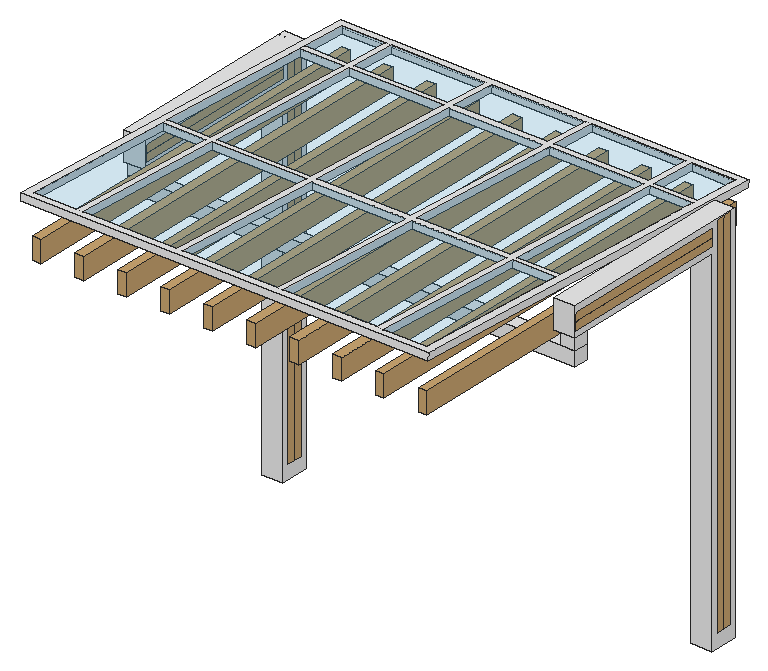
Revit family "L-FUR_퍼걸러_DWP-101-1_데오스웍스", category 일반 모델, Revit 2019
Family settings
  보강 철근 호스트 가능 = 아니오
  원형 커넥터 치수 = 지름 사용
  부품 유형 = 보통
  작업 기준면 기반 = 아니오
  항상 수직 = 예
  로드될 때 보이드를 사용하여 절단 = 아니오
  공유 = 아니오
  룸 계산 점 = 아니오
Parameters
  한국산업규격KS = ""
  조달청표준공사코드-세부공종 = "24072288"
  건설정보분류체계-부위분류 = "E94135"
  LIM_INFO_주의사항 = "재배포, 재가공, 판매 금지"
  LIM_INFO_제품업체 = "데오스웍스"
  LIM_INFO_제품번호 = "DWP-101-1"
  LIM_INFO_제품명 = "퍼걸러_DWP-101-1"
  LIM_INFO_제작일 = "2021.12."
  LIM_INFO_재료 = "Hardwood, Stl pipe"
  LIM_INFO_업체정보 = ""
  LIM_INFO_업체URL = "https://www.deosworks.com"
  LIM_INFO_업체TEL = "02-862-3444"
  LIM_INFO_업체EMAIL = "info@deosworks.com"
  LIM_INFO_버전 = "2022_V01"
  LIM_INFO_기타정보 = ""
  LIM_INFO_규격 = "W3150 x D2800 x H2825"
  LIM_INFO_가격 = 0
  LIM_INFO_PV_포장재여부 = yes
  LIM_INFO_PV_면적 = 0.00 m²
  KBIMS_식별-버전 = ""
  KBIMS_식별-bSK등록번호 = ""
  KBIMS_보급정보-저작자 = "림인포테크_MMJ"
  KBIMS_보급정보-보급코드 = ""
Reference planes
  plane 1 "중심(앞/뒤)": y = 0
  plane 2: z = 0
  plane 3 "중심(왼쪽/오른쪽)": x = 0
Dimensions and locks
  aligned and locked: level to plane 2
Nested families
  nested 1: "DWP-101-1_base" at (0, 0, 0), type "DWP-101-1_base"
Definition of nested family "DWP-101-1_base"
  Reference planes
    plane 1 "중심(앞/뒤)": y = 0
    plane 2: z = 0
    plane 3 "중심(왼쪽/오른쪽)": x = 0
  Forms (mm)
    Extrusion 1, solid
      sketch origin (-11174.423, -11067.893, 447.305) x (1, 0, 0) y (0, 0.99863, -0.052336)
        loop
          line (11324.423, 11238.063) -> (11324.423, 8438.063) -> (14174.423, 8438.063) -> (14174.423, 11238.063) -> (11324.423, 11238.063)
        loop
          line (11679.423, 8488.063) -> (11679.423, 9618.063) -> (11374.423, 9618.063) -> (11374.423, 8488.063) -> (11679.423, 8488.063)
        loop
          line (11374.423, 10818.063) -> (11374.423, 9658.063) -> (11679.423, 9658.063) -> (11679.423, 10818.063) -> (11374.423, 10818.063)
        loop
          line (11374.423, 10858.063) -> (11679.423, 10858.063) -> (11679.423, 11188.063) -> (11374.423, 11188.063) -> (11374.423, 10858.063)
        loop
          line (11719.423, 11188.063) -> (11719.423, 10858.063) -> (12379.423, 10858.063) -> (12379.423, 11188.063) -> (11719.423, 11188.063)
        loop
          line (12419.423, 11188.063) -> (12419.423, 10858.063) -> (13079.423, 10858.063) -> (13079.423, 11188.063) -> (12419.423, 11188.063)
        loop
          line (13779.423, 11188.063) -> (13119.423, 11188.063) -> (13119.423, 10858.063) -> (13779.423, 10858.063) -> (13779.423, 11188.063)
        loop
          line (14124.423, 10858.063) -> (14124.423, 11188.063) -> (13819.423, 11188.063) -> (13819.423, 10858.063) -> (14124.423, 10858.063)
        loop
          line (14124.423, 10818.063) -> (13819.423, 10818.063) -> (13819.423, 9658.063) -> (14124.423, 9658.063) -> (14124.423, 10818.063)
        loop
          line (13779.423, 10818.063) -> (13119.423, 10818.063) -> (13119.423, 9658.063) -> (13779.423, 9658.063) -> (13779.423, 10818.063)
        loop
          line (13079.423, 9658.063) -> (13079.423, 10818.063) -> (12419.423, 10818.063) -> (12419.423, 9658.063) -> (13079.423, 9658.063)
        loop
          line (12379.423, 9658.063) -> (12379.423, 10818.063) -> (11719.423, 10818.063) -> (11719.423, 9658.063) -> (12379.423, 9658.063)
        loop
          line (12379.423, 9618.063) -> (11719.423, 9618.063) -> (11719.423, 8488.063) -> (12379.423, 8488.063) -> (12379.423, 9618.063)
        loop
          line (13079.423, 8488.063) -> (13079.423, 9618.063) -> (12419.423, 9618.063) -> (12419.423, 8488.063) -> (13079.423, 8488.063)
        loop
          line (13779.423, 8488.063) -> (13779.423, 9618.063) -> (13119.423, 9618.063) -> (13119.423, 8488.063) -> (13779.423, 8488.063)
        loop
          line (13819.423, 8488.063) -> (14124.423, 8488.063) -> (14124.423, 9618.063) -> (13819.423, 9618.063) -> (13819.423, 8488.063)
      from 2775 to 2825
    Extrusion 2, solid
      sketch origin (0, 10546.995, 14427.19) x (0, 1, 0) y (0, 0, 1)
        loop
          line (-10546.995, -11737.19) -> (-11946.995, -11737.19) -> (-11946.995, -11937.19) -> (-10746.995, -11937.19) -> (-10746.995, -14427.19) -> (-10546.995, -14427.19) -> (-10546.995, -11737.19)
        loop
          line (-10644.495, -11742.19) -> (-10644.495, -14327.19) -> (-10591.995, -14327.19) -> (-10591.995, -11742.19) -> (-10644.495, -11742.19)
        loop
          line (-10701.995, -11742.19) -> (-10701.995, -14327.19) -> (-10649.495, -14327.19) -> (-10649.495, -11742.19) -> (-10701.995, -11742.19)
        loop
          line (-10746.995, -11782.19) -> (-11941.995, -11782.19) -> (-11941.995, -11834.69) -> (-10746.995, -11834.69) -> (-10746.995, -11782.19)
        loop
          line (-10746.995, -11839.69) -> (-11941.995, -11839.69) -> (-11941.995, -11892.19) -> (-10746.995, -11892.19) -> (-10746.995, -11839.69)
      from 0 to 150
    Extrusion 3, solid
      sketch origin (0, 10546.995, 14427.19) x (0, 1, 0) y (0, 0, 1)
        loop
          line (-10644.495, -11742.19) -> (-10644.495, -14327.19) -> (-10591.995, -14327.19) -> (-10591.995, -11742.19) -> (-10644.495, -11742.19)
        loop
          line (-10649.495, -14327.19) -> (-10649.495, -11742.19) -> (-10701.995, -11742.19) -> (-10701.995, -14327.19) -> (-10649.495, -14327.19)
        loop
          line (-10746.995, -11892.19) -> (-10746.995, -11839.69) -> (-11941.995, -11839.69) -> (-11941.995, -11892.19) -> (-10746.995, -11892.19)
        loop
          line (-11941.995, -11782.19) -> (-11941.995, -11834.69) -> (-10746.995, -11834.69) -> (-10746.995, -11782.19) -> (-11941.995, -11782.19)
      from 0 to 150
    Extrusion 4, solid
      sketch origin (0, 10546.995, 14427.19) x (0, 1, 0) y (0, 0, 1)
        loop
          line (-10546.995, -11737.19) -> (-11946.995, -11737.19) -> (-11946.995, -11937.19) -> (-10746.995, -11937.19) -> (-10746.995, -14427.19) -> (-10546.995, -14427.19) -> (-10546.995, -11737.19)
        loop
          line (-10644.495, -11742.19) -> (-10644.495, -14327.19) -> (-10591.995, -14327.19) -> (-10591.995, -11742.19) -> (-10644.495, -11742.19)
        loop
          line (-10701.995, -11742.19) -> (-10701.995, -14327.19) -> (-10649.495, -14327.19) -> (-10649.495, -11742.19) -> (-10701.995, -11742.19)
        loop
          line (-10746.995, -11782.19) -> (-11941.995, -11782.19) -> (-11941.995, -11834.69) -> (-10746.995, -11834.69) -> (-10746.995, -11782.19)
        loop
          line (-10746.995, -11839.69) -> (-11941.995, -11839.69) -> (-11941.995, -11892.19) -> (-10746.995, -11892.19) -> (-10746.995, -11839.69)
      from 3000 to 3150
    Extrusion 5, solid
      sketch origin (0, 10546.995, 14427.19) x (0, 1, 0) y (0, 0, 1)
        loop
          line (-10644.495, -11742.19) -> (-10644.495, -14327.19) -> (-10591.995, -14327.19) -> (-10591.995, -11742.19) -> (-10644.495, -11742.19)
        loop
          line (-10649.495, -14327.19) -> (-10649.495, -11742.19) -> (-10701.995, -11742.19) -> (-10701.995, -14327.19) -> (-10649.495, -14327.19)
        loop
          line (-10746.995, -11892.19) -> (-10746.995, -11839.69) -> (-11941.995, -11839.69) -> (-11941.995, -11892.19) -> (-10746.995, -11892.19)
        loop
          line (-11941.995, -11782.19) -> (-11941.995, -11834.69) -> (-10746.995, -11834.69) -> (-10746.995, -11782.19) -> (-11941.995, -11782.19)
      from 3000 to 3150
    Extrusion 6, solid
      sketch origin (5509.929, -10935.377, 0) x (1, 0, 0) y (0, 1, 0)
        loop
          line (-2914.929, 11188.063) -> (-2914.929, 8488.063) -> (-2854.929, 8488.063) -> (-2854.929, 11188.063) -> (-2914.929, 11188.063)
        loop
          line (-5014.929, 11188.063) -> (-5014.929, 8488.063) -> (-4954.929, 8488.063) -> (-4954.929, 11188.063) -> (-5014.929, 11188.063)
        loop
          line (-5314.929, 11188.063) -> (-5314.929, 8488.063) -> (-5254.929, 8488.063) -> (-5254.929, 11188.063) -> (-5314.929, 11188.063)
        loop
          line (-4714.929, 11188.063) -> (-4714.929, 8488.063) -> (-4654.929, 8488.063) -> (-4654.929, 11188.063) -> (-4714.929, 11188.063)
        loop
          line (-4414.929, 11188.063) -> (-4414.929, 8488.063) -> (-4354.929, 8488.063) -> (-4354.929, 11188.063) -> (-4414.929, 11188.063)
        loop
          line (-4114.929, 11188.063) -> (-4114.929, 8488.063) -> (-4054.929, 8488.063) -> (-4054.929, 11188.063) -> (-4114.929, 11188.063)
        loop
          line (-3814.929, 11188.063) -> (-3814.929, 8488.063) -> (-3754.929, 8488.063) -> (-3754.929, 11188.063) -> (-3814.929, 11188.063)
        loop
          line (-3514.929, 11188.063) -> (-3514.929, 8488.063) -> (-3454.929, 8488.063) -> (-3454.929, 11188.063) -> (-3514.929, 11188.063)
        loop
          line (-3214.929, 11188.063) -> (-3214.929, 8488.063) -> (-3154.929, 8488.063) -> (-3154.929, 11188.063) -> (-3214.929, 11188.063)
        loop
          line (-2614.929, 11188.063) -> (-2614.929, 8488.063) -> (-2554.929, 8488.063) -> (-2554.929, 11188.063) -> (-2614.929, 11188.063)
      from 2400 to 2550
    Extrusion 7, solid
      sketch origin (0, 10551.995, 14337.19) x (0, 1, 0) y (0, 0, 1)
        loop
          line (-11936.995, -11937.19) -> (-11936.995, -12037.19) -> (-11836.995, -12037.19) -> (-11836.995, -11937.19) -> (-11936.995, -11937.19)
      from 10 to 3140
    Extrusion 8, solid
      sketch origin (10, 0, 0) x (1, 0, 0) y (0, 1, 0)
        loop
          line (3130, -1285) -> (3030, -1285) -> (3030, -1385) -> (3130, -1385) -> (3130, -1285)
      from 2400 to 2490
    Extrusion 9, solid
      sketch origin (-3020, 0, 0) x (1, 0, 0) y (0, 1, 0)
        loop
          line (3130, -1285) -> (3030, -1285) -> (3030, -1385) -> (3130, -1385) -> (3130, -1285)
      from 2400 to 2490
    Extrusion 10, solid
      sketch origin (0, -0.177, 2685.119) x (1, 0, 0) y (0, 0.99863, -0.052336)
        loop
          line (200, 252.685) -> (200, -2447.315) -> (2950, -2447.315) -> (2950, 252.685) -> (200, 252.685)
      from 0 to 10
  Lines and regions (mm)
    symbolic lines
      curve 1: line (3000, 0, 0) -> (3150, 0, 0)
      curve 2: line (3150, 0, 0) -> (3150, -1400, 0)
      curve 3: line (3150, -1400, 0) -> (3000, -1400, 0)
      curve 4: line (150, 0, 0) -> (0, 0, 0)
      curve 5: line (0, 0, 0) -> (0, -1400, 0)
      curve 6: line (0, -1400, 0) -> (150, -1400, 0)
      curve 7: line (150, -2500, 0) -> (150, 300, 0)
      curve 8: line (150, 300, 0) -> (3000, 300, 0)
      curve 9: line (3000, 300, 0) -> (3000, -2500, 0)
      curve 10: line (3000, -2500, 0) -> (150, -2500, 0)
      curve 11: line (2605, -1280, 0) -> (1945, -1280, 0)
      curve 12: line (1945, -1280, 0) -> (1945, -120, 0)
      curve 13: line (1945, -120, 0) -> (2605, -120, 0)
      curve 14: line (2605, -120, 0) -> (2605, -1280, 0)
      curve 15: line (1245, -120, 0) -> (1905, -120, 0)
      curve 16: line (1905, -120, 0) -> (1905, -1280, 0)
      curve 17: line (1905, -1280, 0) -> (1245, -1280, 0)
      curve 18: line (1245, -1280, 0) -> (1245, -120, 0)
      curve 19: line (545, -1280, 0) -> (545, -120, 0)
      curve 20: line (545, -120, 0) -> (1205, -120, 0)
      curve 21: line (1205, -120, 0) -> (1205, -1280, 0)
      curve 22: line (1205, -1280, 0) -> (545, -1280, 0)
      curve 23: line (2950, -1320, 0) -> (2645, -1320, 0)
      curve 24: line (2645, -1320, 0) -> (2645, -2450, 0)
      curve 25: line (2605, -2450, 0) -> (2605, -1320, 0)
      curve 26: line (2605, -1320, 0) -> (1945, -1320, 0)
      curve 27: line (1945, -1320, 0) -> (1945, -2450, 0)
      curve 28: line (1905, -2450, 0) -> (1905, -1320, 0)
      curve 29: line (1905, -1320, 0) -> (1245, -1320, 0)
      curve 30: line (1245, -1320, 0) -> (1245, -2450, 0)
      curve 31: line (1205, -2450, 0) -> (1205, -1320, 0)
      curve 32: line (1205, -1320, 0) -> (545, -1320, 0)
      curve 33: line (545, -1320, 0) -> (545, -2450, 0)
      curve 34: line (505, -2450, 0) -> (505, -1320, 0)
      curve 35: line (505, -1320, 0) -> (200, -1320, 0)
      curve 36: line (2950, 250, 0) -> (200, 250, 0)
      curve 37: line (200, 250, 0) -> (200, -2450, 0)
      curve 38: line (200, -2450, 0) -> (2950, -2450, 0)
      curve 39: line (2950, -2450, 0) -> (2950, 250, 0)
      curve 40: line (200, -80, 0) -> (505, -80, 0)
      curve 41: line (505, -80, 0) -> (505, 250, 0)
      curve 42: line (545, 250, 0) -> (545, -80, 0)
      curve 43: line (545, -80, 0) -> (1205, -80, 0)
      curve 44: line (1205, -80, 0) -> (1205, 250, 0)
      curve 45: line (1945, 250, 0) -> (1945, -80, 0)
      curve 46: line (1945, -80, 0) -> (2605, -80, 0)
      curve 47: line (2605, -80, 0) -> (2605, 250, 0)
      curve 48: line (1245, 250, 0) -> (1245, -80, 0)
      curve 49: line (1245, -80, 0) -> (1905, -80, 0)
      curve 50: line (1905, -80, 0) -> (1905, 250, 0)
      curve 51: line (2950, -80, 0) -> (2645, -80, 0)
      curve 52: line (2645, -80, 0) -> (2645, 250, 0)
      curve 53: line (2950, -120, 0) -> (2645, -120, 0)
      curve 54: line (2645, -120, 0) -> (2645, -1280, 0)
      curve 55: line (2645, -1280, 0) -> (2950, -1280, 0)
      curve 56: line (200, -1280, 0) -> (505, -1280, 0)
      curve 57: line (505, -1280, 0) -> (505, -120, 0)
      curve 58: line (505, -120, 0) -> (200, -120, 0)
  Dimensions and locks
    aligned and locked: level to plane 2
